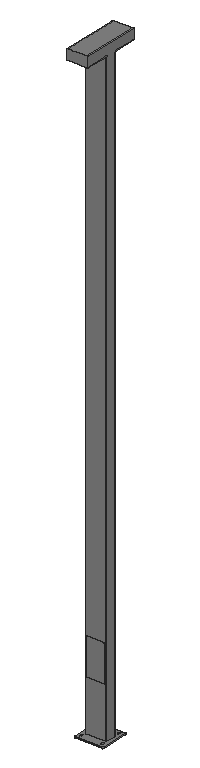
Revit family "Супремус В", category Осветительные приборы, Revit 2019 (continued)
Types (7, lengths in mm): name | Файл фотометрической сетки | built-in parameter 1150105 | Lumens | built-in parameter 1150106 | built-in parameter 1150142 | Wattage | L_общая рассеиватели | ADSK_Фактическая мощность | ADSK_Размер_Высота | ADSK_Номинальная мощность | ADSK_Наименование | ADSK_Масса_Текст | ADSK_Масса | ADSK_Артикул | 2
    168.9 167.6 166.3 164.9 163.6 162.2 160.9 159.6\r\n 158.4 156.9 155.3 153.8 152.3 150.8 149.5 148.4 147.2 146.2 145.2 144.2 143.1 142.3 141.4 140.4 139.4 138.2 136.9 135.7 134.5\r\n 133.3 132.3 131.3 130.2 129.1 127.8 126.6 125.4 124.3 123.1 122.1 121.3 120.5 119.4 118.6 117.4 116.3 115.5 114.8 113.8 112.6\r\n 111.3 110.4 109.6 108.6 107.7 106.9 106.0 105.5 104.9 104.6 104.3 104.1 104.1 104.0 103.9 103.6 103.2 102.8 102.5 102.1 101.8\r\n 101.6 100.7 99.9 99.2 98.5 97.9 97.3 96.6 96.0 95.2 94.2 93.2 92.3 91.4 90.5 89.5 88.4 87.4 86.4 84.6 82.3 79.4 76.2 72.5 68.8\r\n 63.9 58.9 53.9 49.1 44.6 41.1 38.1 35.7 33.9 32.4 30.9 29.7 28.7 27.8 26.9 26.0 25.2 24.5 23.5 22.0 20.6 19.1 17.6 16.3 14.8 13.4\r\n 11.8 10.0 8.4 7.0 6.0 5.3 4.6 3.9 3.4 3.0 2.8 2.8 2.7 2.4 2.4 2.3 2.1 1.9 1.6 1.4 1.3 1.2 1.2 1.2 0.0 0.0 0.0 0.0 0.0 0.0 0.0 0.0\r\n 0.0 0.0 0.0 0.0 0.0 0.0 0.0 0.0 0.0 0.0 0.0 0.0 0.0 0.0 0.0 0.0 0.0 0.0 0.0 0.0 0.0 0.0 0.0 0.0 0.0 0.0 0.0 0.0 0.0 0.0 0.0 0.0\r\n 0.0 0.0 0.0 0.0 0.0 0.0 0.0 0.0 0.0 0.0 0.0 0.0 0.0 0.0 0.0 0.0 0.0 0.0 0.0 0.0 0.0 0.0 0.0 0.0 0.0 0.0 0.0 0.0 0.0 0.0 0.0 0.0\r\n 0.0 0.0 0.0 0.0 0.0 0.0 0.0 0.0 0.0 0.0 0.0 0.0 0.0 0.0 0.0 0.0 0.0 0.0 0.0 0.0 0.0 0.0 0.0 0.0 0.0 0.0 0.0 0.0 0.0 0.0 0.0 0.0\r\n 0.0 0.0 0.0 0.0 0.0 0.0 0.0 0.0 0.0 0.0 0.0 0.0 0.0 0.0 0.0 0.0 0.0 0.0 0.0 0.0 0.0 0.0 0.0 0.0 0.0 0.0 0.0 0.0 0.0 0.0 0.0 0.0\r\n 0.0 0.0 0.0 0.0 0.0 0.0 0.0 0.0 0.0 0.0 0.0 0.0 0.0 0.0 0.0 0.0 0.0 0.0 0.0 0.0 0.0 0.0 0.0 0.0\r\n275.6 274.0 272.2 270.5 268.9 267.2 265.4 263.7 261.8 260.0 257.9 255.9 254.1 252.2 250.0 247.8 245.6 243.1 240.5 237.7 234.8\r\n 231.6 228.5 225.4 222.5 219.7 217.2 214.8 212.3 210.3 208.3 206.2 204.1 201.7 199.5 197.4 195.0 192.7 190.5 188.3 186.2 184.1\r\n 181.8 179.4 177.1 174.8 172.1 169.7 167.3 164.9 162.4 160.0 157.8 155.6 153.5 151.8 150.0 148.4 146.5 144.7 143.3 141.6 140.0\r\n 138.4 136.7 134.7 132.9 131.1 129.7 128.3 127.2 125.6 124.2 122.7 121.5 120.2 118.8 117.5 116.2 115.0 113.5 112.2 110.6 108.9\r\n 107.3 105.5 103.8 102.1 100.6 99.2 97.7 96.1 94.7 93.1 91.6 89.9 88.3 87.0 85.6 84.3 83.2 82.1 80.8 79.4 78.3 77.4 76.8 75.8 74.8\r\n 74.2 73.8 73.5 72.9 72.6 72.2 71.6 70.9 70.4 69.9 69.8 69.9 70.2 70.1 69.4 69.0 68.4 68.1 67.7 67.3 66.9 66.5 66.0 65.5 65.0 64.8\r\n 64.6 64.6 64.6 64.6 64.6 64.8 65.4 65.5 65.2 66.0 67.4 69.0 70.6 71.6 72.0 71.5 70.5 68.3 66.3 63.0 59.2 54.6 50.4 46.8 43.3 40.0\r\n 37.1 34.8 33.0 31.2 29.6 28.3 27.0 25.3 23.2 21.0 19.2 17.4 15.9 14.6 13.4 11.7 9.8 8.5 7.4 6.7 6.1 5.4 4.8 4.5 4.1 4.1 4.3 3.7\r\n 3.3 2.8 2.6 2.4 2.3 2.1 2.0 1.7 1.5 1.3 1.2 1.2 0.0 0.0 0.0 0.0 0.0 0.0 0.0 0.0 0.0 0.0 0.0 0.0 0.0 0.0 0.0 0.0 0.0 0.0 0.0 0.0\r\n 0.0 0.0 0.0 0.0 0.0 0.0 0.0 0.0 0.0 0.0 0.0 0.0 0.0 0.0 0.0 0.0 0.0 0.0 0.0 0.0 0.0 0.0 0.0 0.0 0.0 0.0 0.0 0.0 0.0 0.0 0.0 0.0\r\n 0.0 0.0 0.0 0.0 0.0 0.0 0.0 0.0 0.0 0.0 0.0 0.0 0.0 0.0 0.0 0.0 0.0 0.0 0.0 0.0 0.0 0.0 0.0 0.0 0.0 0.0 0.0 0.0 0.0 0.0 0.0 0.0\r\n 0.0 0.0 0.0 0.0 0.0 0.0 0.0 0.0 0.0 0.0 0.0 0.0 0.0 0.0 0.0 0.0 0.0 0.0 0.0 0.0 0.0 0.0 0.0 0.0 0.0 0.0 0.0 0.0 0.0 0.0 0.0 0.0\r\n 0.0 0.0 0.0 0.0 0.0 0.0 0.0 0.0 0.0 0.0 0.0 0.0 0.0 0.0 0.0 0.0 0.0 0.0 0.0 0.0 0.0 0.0 0.0 0.0 0.0 0.0 0.0 0.0 0.0 0.0 0.0 0.0\r\n 0.0 0.0 0.0 0.0 0.0 0.0 0.0 0.0 0.0 0.0 0.0 0.0\r\n275.6 273.8 271.9 270.1 268.3 266.4 264.5 262.7 260.5 258.5 256.5 254.5 252.3 250.1 247.8 245.3 242.5 239.6 236.4 233.1 229.7\r\n 226.3 223.1 220.1 217.3 215.0 212.7 210.3 207.8 205.3 202.8 200.0 197.4 194.5 192.0 189.6 187.4 184.8 182.1 179.8 177.1 174.4\r\n 171.5 168.6 165.4 162.4 159.2 156.1 153.1 150.4 147.7 145.4 143.3 141.2 139.4 137.4 135.6 133.9 132.4 131.1 129.6 128.1 126.6\r\n 124.8 122.9 120.9 119.1 117.2 115.3 113.2 111.1 109.1 106.9 104.7 102.3 99.8 97.6 95.3 93.2 91.0 88.9 86.8 84.8 82.8 80.9 79.0\r\n 77.2 75.4 73.6 71.8 69.9 68.3 66.3 64.4 62.5 60.8 59.2 57.8 56.4 55.2 54.2 53.3 52.4 51.5 50.9 50.4 50.0 49.5 49.0 48.8 48.5 47.7\r\n 47.1 46.8 46.8 46.7 46.7 46.8 46.8 46.3 45.7 45.2 44.5 43.9 43.4 42.9 42.4 42.0 41.7 41.4 41.1 41.1 41.1 41.4 41.6 41.8 42.2 43.1\r\n 44.5 45.8 46.8 48.9 51.1 53.6 55.4 56.8 57.8 57.5 56.5 55.1 53.9 52.9 52.0 51.1 49.9 48.5 47.3 46.3 44.9 42.9 40.6 38.1 35.7 33.2\r\n 30.2 27.6 25.5 23.6 21.9 20.4 18.9 17.6 16.4 15.1 13.8 12.0 10.6 9.8 8.8 7.5 6.6 5.9 5.4 4.9 4.6 4.7 4.5 4.1 3.9 3.3 2.8 2.6 2.5\r\n 2.5 2.5 2.3 2.2 1.7 1.6 1.4 1.3 0.0 0.0 0.0 0.0 0.0 0.0 0.0 0.0 0.0 0.0 0.0 0.0 0.0 0.0 0.0 0.0 0.0 0.0 0.0 0.0 0.0 0.0 0.0 0.0\r\n 0.0 0.0 0.0 0.0 0.0 0.0 0.0 0.0 0.0 0.0 0.0 0.0 0.0 0.0 0.0 0.0 0.0 0.0 0.0 0.0 0.0 0.0 0.0 0.0 0.0 0.0 0.0 0.0 0.0 0.0 0.0 0.0\r\n 0.0 0.0 0.0 0.0 0.0 0.0 0.0 0.0 0.0 0.0 0.0 0.0 0.0 0.0 0.0 0.0 0.0 0.0 0.0 0.0 0.0 0.0 0.0 0.0 0.0 0.0 0.0 0.0 0.0 0.0 0.0 0.0\r\n 0.0 0.0 0.0 0.0 0.0 0.0 0.0 0.0 0.0 0.0 0.0 0.0 0.0 0.0 0.0 0.0 0.0 0.0 0.0 0.0 0.0 0.0 0.0 0.0 0.0 0.0 0.0 0.0 0.0 0.0 0.0 0.0\r\n 0.0 0.0 0.0 0.0 0.0 0.0 0.0 0.0 0.0 0.0 0.0 0.0 0.0 0.0 0.0 0.0 0.0 0.0 0.0 0.0 0.0 0.0 0.0 0.0 0.0 0.0 0.0 0.0 0.0 0.0 0.0 0.0\r\n 0.0 0.0 0.0 0.0 0.0 0.0 0.0 0.0\r\n275.6 273.8 271.8 269.8 267.8 265.9 263.8 261.8 259.7 257.5 255.3 253.1 250.9 248.4 245.9 243.0 239.8 236.4 232.8 229.1 225.7\r\n 222.4 219.4 216.6 214.2 211.9 209.2 206.4 203.4 200.3 197.3 194.4 191.5 188.7 185.9 182.9 180.1 177.2 174.4 171.1 167.9 164.7\r\n 161.4 157.7 154.3 150.9 147.8 144.8 142.0 139.4 136.8 134.5 132.3 130.4 128.9 127.5 126.3 124.6 122.9 121.3 119.5 117.5 115.3\r\n 113.0 110.9 108.7 106.7 104.4 102.1 99.6 97.1 94.6 92.1 89.6 87.2 84.8 82.4 80.1 77.8 75.5 73.3 71.0 68.9 66.9 65.0 63.1 61.3\r\n 59.4 57.6 55.7 53.9 52.0 50.2 48.5 46.8 45.2 43.8 42.6 41.5 40.5 39.8 39.3 38.7 38.2 37.8 37.4 36.9 36.5 36.1 35.8 35.5 35.2 34.8\r\n 34.5 34.6 34.6 33.7 32.8 32.3 31.7 31.0 30.6 30.1 29.7 29.1 28.5 28.3 28.0 28.0 28.2 28.6 29.1 30.2 32.0 34.3 36.8 39.1 41.0 42.2\r\n 43.6 44.9 45.4 45.3 44.3 43.3 42.8 42.2 41.3 39.9 38.4 37.5 37.1 37.0 36.5 35.9 35.0 34.7 34.6 34.2 33.4 32.1 30.8 29.4 28.1 26.9\r\n 25.7 24.4 22.8 21.4 20.3 19.0 17.9 16.6 15.4 13.6 12.1 11.1 10.4 9.6 8.7 8.1 7.3 6.6 6.1 6.1 6.1 5.8 5.3 4.9 4.3 3.9 3.4 3.3 3.2\r\n 3.1 3.0 2.8 2.5 1.9 1.7 1.5 0.0 0.0 0.0 0.0 0.0 0.0 0.0 0.0 0.0 0.0 0.0 0.0 0.0 0.0 0.0 0.0 0.0 0.0 0.0 0.0 0.0 0.0 0.0 0.0 0.0\r\n 0.0 0.0 0.0 0.0 0.0 0.0 0.0 0.0 0.0 0.0 0.0 0.0 0.0 0.0 0.0 0.0 0.0 0.0 0.0 0.0 0.0 0.0 0.0 0.0 0.0 0.0 0.0 0.0 0.0 0.0 0.0 0.0\r\n 0.0 0.0 0.0 0.0 0.0 0.0 0.0 0.0 0.0 0.0 0.0 0.0 0.0 0.0 0.0 0.0 0.0 0.0 0.0 0.0 0.0 0.0 0.0 0.0 0.0 0.0 0.0 0.0 0.0 0.0 0.0 0.0\r\n 0.0 0.0 0.0 0.0 0.0 0.0 0.0 0.0 0.0 0.0 0.0 0.0 0.0 0.0 0.0 0.0 0.0 0.0 0.0 0.0 0.0 0.0 0.0 0.0 0.0 0.0 0.0 0.0 0.0 0.0 0.0 0.0\r\n 0.0 0.0 0.0 0.0 0.0 0.0 0.0 0.0 0.0 0.0 0.0 0.0 0.0 0.0 0.0 0.0 0.0 0.0 0.0 0.0 0.0 0.0 0.0 0.0 0.0 0.0 0.0 0.0 0.0 0.0 0.0 0.0\r\n 0.0 0.0 0.0 0.0 0.0 0.0 0.0\r\n275.6 273.7 271.5 269.3 267.2 265.1 262.9 260.7 258.5 256.4 254.1 251.7 249.3 246.7 243.6 240.3 236.7 232.7 228.9 225.4 222.1\r\n 219.0 216.4 213.9 211.2 208.3 205.2 201.9 198.5 195.2 192.1 189.0 185.9 182.8 179.5 176.2 172.6 169.2 165.6 161.8 157.9 154.1\r\n 150.4 147.0 143.9 140.9 138.0 135.3 132.8 130.5 128.6 126.9 125.4 123.7 121.9 120.2 118.2 116.3 114.3 112.0 109.5 107.0 104.2\r\n 101.3 98.7 95.9 93.3 90.8 88.3 86.0 83.7 81.6 79.5 77.4 75.3 73.3 71.2 69.1 67.2 65.3 63.4 61.6 59.8 58.0 56.2 54.3 52.4 50.6\r\n 48.7 46.9 45.3 43.7 42.1 40.7 39.6 38.7 37.8 37.2 36.7 36.3 36.0 35.8 35.6 35.3 35.0 34.7 34.3 34.1 33.9 33.4 33.0 33.0 33.1 33.0\r\n 32.2 31.1 30.0 29.1 28.3 27.7 27.2 26.7 26.4 26.3 26.4 26.5 26.8 27.7 29.1 31.0 32.8 35.1 37.8 41.2 43.8 44.9 43.8 43.4 42.9 42.6\r\n 42.3 41.8 40.4 39.2 38.8 37.8 37.2 36.2 35.5 34.6 33.5 33.1 32.9 32.3 31.7 31.3 30.9 30.8 30.6 30.5 29.5 28.4 27.2 26.4 25.6 25.0\r\n 24.3 23.1 22.1 20.9 19.8 18.8 17.8 15.9 14.4 13.3 12.5 11.6 10.7 9.7 8.9 8.1 7.5 7.4 7.7 7.4 7.0 6.2 5.9 5.3 4.9 4.4 4.1 3.9 3.7\r\n 3.6 3.5 3.4 3.0 2.0 1.9 0.0 0.0 0.0 0.0 0.0 0.0 0.0 0.0 0.0 0.0 0.0 0.0 0.0 0.0 0.0 0.0 0.0 0.0 0.0 0.0 0.0 0.0 0.0 0.0 0.0 0.0\r\n 0.0 0.0 0.0 0.0 0.0 0.0 0.0 0.0 0.0 0.0 0.0 0.0 0.0 0.0 0.0 0.0 0.0 0.0 0.0 0.0 0.0 0.0 0.0 0.0 0.0 0.0 0.0 0.0 0.0 0.0 0.0 0.0\r\n 0.0 0.0 0.0 0.0 0.0 0.0 0.0 0.0 0.0 0.0 0.0 0.0 0.0 0.0 0.0 0.0 0.0 0.0 0.0 0.0 0.0 0.0 0.0 0.0 0.0 0.0 0.0 0.0 0.0 0.0 0.0 0.0\r\n 0.0 0.0 0.0 0.0 0.0 0.0 0.0 0.0 0.0 0.0 0.0 0.0 0.0 0.0 0.0 0.0 0.0 0.0 0.0 0.0 0.0 0.0 0.0 0.0 0.0 0.0 0.0 0.0 0.0 0.0 0.0 0.0\r\n 0.0 0.0 0.0 0.0 0.0 0.0 0.0 0.0 0.0 0.0 0.0 0.0 0.0 0.0 0.0 0.0 0.0 0.0 0.0 0.0 0.0 0.0 0.0 0.0 0.0 0.0 0.0 0.0 0.0 0.0 0.0 0.0\r\n 0.0 0.0 0.0 0.0 0.0 0.0\r\n275.6 273.5 271.2 269.1 266.8 264.5 262.4 260.1 257.8 255.4 253.0 250.6 248.0 245.0 241.9 238.1 234.1 230.1 226.3 222.9 219.9\r\n 217.1 214.4 211.4 208.4 205.1 201.6 198.2 194.6 191.2 187.9 184.5 181.2 177.8 173.8 170.1 166.2 162.1 157.8 153.6 149.6 146.0\r\n 142.5 139.3 136.4 133.4 130.8 128.6 126.8 124.9 123.0 121.3 119.4 117.4 115.6 113.7 111.6 109.3 106.7 103.7 100.5 97.2 94.0 90.8\r\n 88.0 85.5 83.1 80.7 78.5 76.5 74.7 72.8 71.0 69.1 67.1 65.2 63.2 61.5 59.7 57.9 56.0 54.2 52.5 51.0 49.3 47.7 46.2 44.8 43.4 42.2\r\n 41.0 39.8 38.7 38.0 37.3 36.8 36.3 36.0 35.8 35.9 35.9 35.6 35.5 35.3 35.0 34.7 34.6 34.0 33.6 33.7 33.8 33.7 32.9 31.7 30.7 30.0\r\n 29.5 28.8 28.4 28.0 28.0 28.0 28.2 28.8 29.7 31.0 32.7 34.7 37.4 40.0 42.5 45.1 46.5 45.5 44.3 43.2 43.1 43.3 43.8 44.2 44.0 43.2\r\n 42.7 42.6 42.1 41.4 40.8 39.8 39.1 38.4 38.0 37.8 37.5 36.9 36.1 35.2 34.7 34.4 34.3 34.4 33.8 32.6 31.3 29.6 28.5 27.9 26.7 25.7\r\n 24.2 23.0 21.9 20.9 18.8 16.3 15.0 14.2 13.2 12.3 11.5 10.6 9.9 9.2 8.6 8.7 8.8 8.2 7.7 6.9 6.6 6.0 5.8 5.3 4.8 4.6 4.2 4.1 4.1\r\n 3.9 3.9 3.2 2.3 0.0 0.0 0.0 0.0 0.0 0.0 0.0 0.0 0.0 0.0 0.0 0.0 0.0 0.0 0.0 0.0 0.0 0.0 0.0 0.0 0.0 0.0 0.0 0.0 0.0 0.0 0.0 0.0\r\n 0.0 0.0 0.0 0.0 0.0 0.0 0.0 0.0 0.0 0.0 0.0 0.0 0.0 0.0 0.0 0.0 0.0 0.0 0.0 0.0 0.0 0.0 0.0 0.0 0.0 0.0 0.0 0.0 0.0 0.0 0.0 0.0\r\n 0.0 0.0 0.0 0.0 0.0 0.0 0.0 0.0 0.0 0.0 0.0 0.0 0.0 0.0 0.0 0.0 0.0 0.0 0.0 0.0 0.0 0.0 0.0 0.0 0.0 0.0 0.0 0.0 0.0 0.0 0.0 0.0\r\n 0.0 0.0 0.0 0.0 0.0 0.0 0.0 0.0 0.0 0.0 0.0 0.0 0.0 0.0 0.0 0.0 0.0 0.0 0.0 0.0 0.0 0.0 0.0 0.0 0.0 0.0 0.0 0.0 0.0 0.0 0.0 0.0\r\n 0.0 0.0 0.0 0.0 0.0 0.0 0.0 0.0 0.0 0.0 0.0 0.0 0.0 0.0 0.0 0.0 0.0 0.0 0.0 0.0 0.0 0.0 0.0 0.0 0.0 0.0 0.0 0.0 0.0 0.0 0.0 0.0\r\n 0.0 0.0 0.0 0.0\r\n275.6 273.4 271.1 268.8 266.6 264.1 261.9 259.6 257.1 254.7 252.1 249.6 246.8 243.5 239.9 235.9 231.6 227.6 223.9 220.8 217.9\r\n 215.3 212.2 208.9 205.5 201.8 198.2 194.8 191.1 187.4 183.7 180.1 176.2 172.3 168.2 163.8 159.1 154.5 150.3 146.3 142.7 139.3\r\n 136.2 133.1 130.4 128.1 125.8 123.8 121.9 119.7 117.7 115.7 113.7 111.8 109.5 107.0 104.4 101.2 98.0 94.8 91.7 88.6 85.6 82.9\r\n 80.5 78.3 76.1 74.1 72.2 70.4 68.5 66.6 64.6 62.7 60.7 59.0 57.3 55.6 53.8 52.2 50.5 49.0 47.5 46.1 44.7 43.4 42.2 41.0 39.9 38.8\r\n 37.9 37.0 36.6 36.2 35.8 35.6 35.5 35.6 35.7 35.7 35.7 35.9 35.8 35.6 35.5 35.2 35.0 35.0 34.9 34.6 34.0 33.0 32.0 31.2 30.6 30.0\r\n 29.5 29.3 29.1 29.3 29.7 30.5 31.8 33.3 34.7 36.8 39.2 41.8 44.0 45.9 47.4 48.4 47.9 47.1 47.0 47.4 48.0 48.5 48.6 48.5 48.4 48.0\r\n 48.1 47.9 47.2 46.3 45.2 43.9 42.7 41.8 41.1 40.4 39.6 38.8 38.3 37.8 37.4 36.9 36.5 36.2 35.2 33.7 32.5 31.3 30.2 29.0 28.4 26.9\r\n 25.6 24.5 23.6 21.7 19.2 17.4 16.2 15.1 14.1 13.1 12.1 11.1 10.1 9.6 9.7 9.4 9.2 8.5 7.9 7.4 7.1 6.5 6.3 6.3 5.8 5.4 5.1 4.8 4.7\r\n 4.5 4.4 4.3 3.0 0.0 0.0 0.0 0.0 0.0 0.0 0.0 0.0 0.0 0.0 0.0 0.0 0.0 0.0 0.0 0.0 0.0 0.0 0.0 0.0 0.0 0.0 0.0 0.0 0.0 0.0 0.0 0.0\r\n 0.0 0.0 0.0 0.0 0.0 0.0 0.0 0.0 0.0 0.0 0.0 0.0 0.0 0.0 0.0 0.0 0.0 0.0 0.0 0.0 0.0 0.0 0.0 0.0 0.0 0.0 0.0 0.0 0.0 0.0 0.0 0.0\r\n 0.0 0.0 0.0 0.0 0.0 0.0 0.0 0.0 0.0 0.0 0.0 0.0 0.0 0.0 0.0 0.0 0.0 0.0 0.0 0.0 0.0 0.0 0.0 0.0 0.0 0.0 0.0 0.0 0.0 0.0 0.0 0.0\r\n 0.0 0.0 0.0 0.0 0.0 0.0 0.0 0.0 0.0 0.0 0.0 0.0 0.0 0.0 0.0 0.0 0.0 0.0 0.0 0.0 0.0 0.0 0.0 0.0 0.0 0.0 0.0 0.0 0.0 0.0 0.0 0.0\r\n 0.0 0.0 0.0 0.0 0.0 0.0 0.0 0.0 0.0 0.0 0.0 0.0 0.0 0.0 0.0 0.0 0.0 0.0 0.0 0.0 0.0 0.0 0.0 0.0 0.0 0.0 0.0 0.0 0.0 0.0 0.0 0.0\r\n 0.0 0.0 0.0 0.0\r\n275.6 273.4 270.9 268.6 266.3 263.8 261.4 259.0 256.7 254.0 251.6 248.9 245.7 242.4 238.5 234.3 230.1 226.0 222.6 219.5 216.9\r\n 213.8 210.6 207.1 203.3 199.5 195.9 192.3 188.5 184.6 180.8 176.7 172.6 168.3 163.5 158.7 153.9 149.6 145.3 141.7 138.2 134.8\r\n 131.9 129.3 127.2 124.8 122.4 120.0 117.7 115.5 113.4 111.1 108.9 106.6 103.8 100.9 97.8 94.7 91.5 88.5 85.5 82.5 79.7 77.4 75.2\r\n 73.3 71.4 69.5 67.6 65.7 63.9 62.0 60.2 58.5 56.8 55.2 53.6 52.0 50.5 49.1 47.6 46.3 45.0 43.7 42.4 41.4 40.2 39.1 38.1 37.2 36.6\r\n 36.2 36.0 35.9 35.9 35.9 35.9 35.8 35.8 36.1 36.3 36.2 36.0 35.9 35.8 35.9 35.5 35.3 35.1 34.5 33.6 32.7 32.0 31.3 30.8 30.4 30.2\r\n 30.3 30.7 31.3 32.0 32.8 33.4 34.6 36.4 38.5 41.2 44.2 47.3 49.9 52.2 53.0 52.6 52.5 53.0 53.8 54.6 54.8 54.7 54.2 53.8 53.2 52.6\r\n 51.4 50.2 48.7 46.9 45.6 44.9 44.2 43.7 43.1 42.8 42.3 41.8 41.4 40.5 39.3 38.5 37.8 36.9 35.5 34.2 32.9 31.8 30.9 29.8 28.1 26.7\r\n 25.4 23.7 21.0 18.2 16.7 15.7 14.5 13.5 12.6 11.7 11.0 10.2 10.1 10.1 10.1 9.8 9.1 8.2 7.5 7.5 6.9 7.2 7.3 6.6 6.1 5.7 5.4 5.2\r\n 5.0 4.9 4.8 4.3 0.0 0.0 0.0 0.0 0.0 0.0 0.0 0.0 0.0 0.0 0.0 0.0 0.0 0.0 0.0 0.0 0.0 0.0 0.0 0.0 0.0 0.0 0.0 0.0 0.0 0.0 0.0 0.0\r\n 0.0 0.0 0.0 0.0 0.0 0.0 0.0 0.0 0.0 0.0 0.0 0.0 0.0 0.0 0.0 0.0 0.0 0.0 0.0 0.0 0.0 0.0 0.0 0.0 0.0 0.0 0.0 0.0 0.0 0.0 0.0 0.0\r\n 0.0 0.0 0.0 0.0 0.0 0.0 0.0 0.0 0.0 0.0 0.0 0.0 0.0 0.0 0.0 0.0 0.0 0.0 0.0 0.0 0.0 0.0 0.0 0.0 0.0 0.0 0.0 0.0 0.0 0.0 0.0 0.0\r\n 0.0 0.0 0.0 0.0 0.0 0.0 0.0 0.0 0.0 0.0 0.0 0.0 0.0 0.0 0.0 0.0 0.0 0.0 0.0 0.0 0.0 0.0 0.0 0.0 0.0 0.0 0.0 0.0 0.0 0.0 0.0 0.0\r\n 0.0 0.0 0.0 0.0 0.0 0.0 0.0 0.0 0.0 0.0 0.0 0.0 0.0 0.0 0.0 0.0 0.0 0.0 0.0 0.0 0.0 0.0 0.0 0.0 0.0 0.0 0.0 0.0 0.0 0.0 0.0 0.0\r\n 0.0 0.0 0.0 0.0\r\n275.6 273.1 271.0 268.4 266.0 263.6 261.0 258.8 256.1 253.4 250.9 248.0 244.7 241.1 237.0 232.6 228.4 224.7 221.3 218.4 215.6\r\n 212.4 208.9 205.2 201.2 197.6 193.6 189.9 186.1 182.1 177.6 173.4 168.5 163.8 158.8 154.1 149.5 145.2 141.4 137.8 134.4 131.4\r\n 128.6 126.2 123.8 121.5 119.1 116.9 114.5 112.2 109.6 107.1 104.4 101.6 98.9 95.9 93.0 89.8 86.8 83.8 80.9 78.2 75.7 73.4 71.4\r\n 69.4 67.3 65.3 63.3 61.5 59.8 58.1 56.5 55.0 53.4 51.9 50.5 49.0 47.7 46.4 45.2 44.0 42.8 41.8 40.8 39.8 38.9 38.0 37.3 36.8 36.4\r\n 36.3 36.2 36.4 36.4 36.2 36.1 36.4 36.8 37.0 36.8 36.8 36.7 36.5 36.3 36.0 36.0 35.9 35.3 34.5 33.7 33.0 32.2 31.6 31.5 31.3 31.5\r\n 31.7 32.1 32.5 32.9 33.7 34.8 36.7 39.1 41.9 46.0 49.7 53.2 56.2 58.0 58.5 59.2 60.2 61.0 61.4 61.0 60.2 59.3 58.6 58.1 56.5 55.1\r\n 53.9 52.4 50.7 49.5 48.7 47.6 46.8 46.3 45.7 45.1 44.3 43.4 42.5 41.5 40.7 40.0 39.2 37.8 36.3 34.6 33.3 31.9 30.5 28.9 27.6 26.6\r\n 25.0 22.4 19.1 16.9 15.7 14.7 13.8 12.9 12.2 11.4 10.6 10.1 9.9 9.7 9.9 9.4 8.6 8.0 7.3 7.2 6.7 7.3 7.5 6.7 6.5 5.9 5.3 5.0 4.9\r\n 4.9 5.0 5.0 0.0 0.0 0.0 0.0 0.0 0.0 0.0 0.0 0.0 0.0 0.0 0.0 0.0 0.0 0.0 0.0 0.0 0.0 0.0 0.0 0.0 0.0 0.0 0.0 0.0 0.0 0.0 0.0 0.0\r\n 0.0 0.0 0.0 0.0 0.0 0.0 0.0 0.0 0.0 0.0 0.0 0.0 0.0 0.0 0.0 0.0 0.0 0.0 0.0 0.0 0.0 0.0 0.0 0.0 0.0 0.0 0.0 0.0 0.0 0.0 0.0 0.0\r\n 0.0 0.0 0.0 0.0 0.0 0.0 0.0 0.0 0.0 0.0 0.0 0.0 0.0 0.0 0.0 0.0 0.0 0.0 0.0 0.0 0.0 0.0 0.0 0.0 0.0 0.0 0.0 0.0 0.0 0.0 0.0 0.0\r\n 0.0 0.0 0.0 0.0 0.0 0.0 0.0 0.0 0.0 0.0 0.0 0.0 0.0 0.0 0.0 0.0 0.0 0.0 0.0 0.0 0.0 0.0 0.0 0.0 0.0 0.0 0.0 0.0 0.0 0.0 0.0 0.0\r\n 0.0 0.0 0.0 0.0 0.0 0.0 0.0 0.0 0.0 0.0 0.0 0.0 0.0 0.0 0.0 0.0 0.0 0.0 0.0 0.0 0.0 0.0 0.0 0.0 0.0 0.0 0.0 0.0 0.0 0.0 0.0 0.0\r\n 0.0 0.0 0.0\r\n275.6 273.3 270.8 268.4 265.9 263.4 260.8 258.5 255.8 253.2 250.5 247.7 244.4 240.6 236.2 231.9 227.7 223.9 220.7 217.7 214.8\r\n 211.5 208.0 204.2 200.3 196.4 192.6 188.6 184.5 180.5 175.9 171.2 166.1 161.1 156.3 151.6 147.2 143.0 139.3 135.6 132.5 129.6\r\n 126.9 124.3 121.6 119.4 117.1 114.7 112.2 109.6 106.8 103.9 101.0 98.3 95.5 92.7 89.8 86.8 83.9 81.1 78.4 75.9 73.6 71.4 69.2\r\n 67.0 65.0 63.0 61.1 59.3 57.8 56.2 54.7 53.2 51.7 50.3 48.9 47.5 46.3 45.1 44.0 43.0 42.0 41.1 40.2 39.3 38.5 37.7 37.4 37.0 36.7\r\n 36.5 36.6 36.7 36.5 36.4 36.7 37.1 37.4 37.5 37.5 37.4 37.1 36.8 36.3 36.3 36.6 36.3 35.9 35.0 34.4 33.6 32.9 32.7 32.4 32.3 32.4\r\n 32.3 32.6 33.2 33.9 34.9 36.3 38.3 41.0 44.5 48.9 53.2 57.3 60.8 63.7 65.2 66.7 67.9 68.2 67.4 66.2 64.5 62.8 61.5 60.8 59.2 57.1\r\n 55.4 54.3 53.6 52.6 51.7 50.5 50.0 49.3 48.5 
